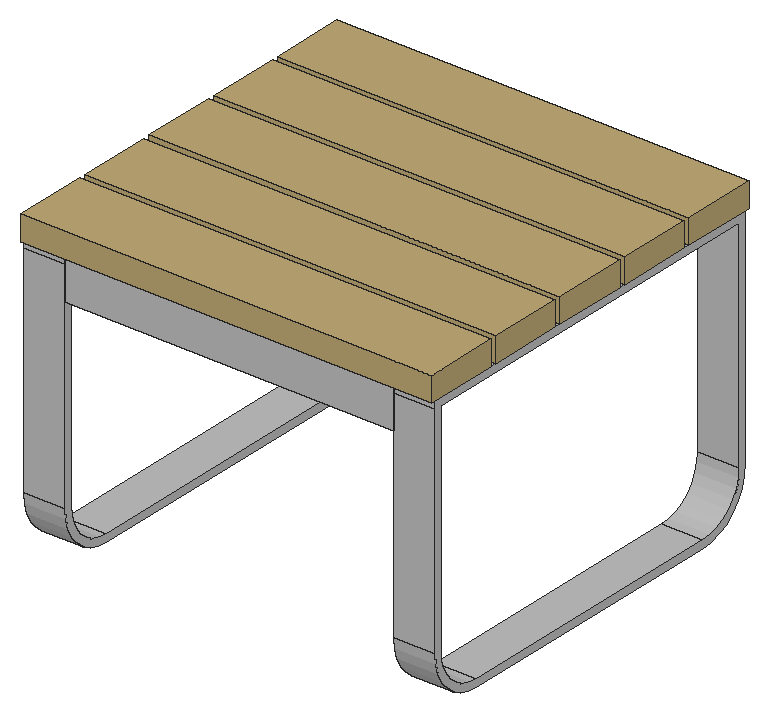
Revit family "L-FUR_벤치_YT-10_예건", category 일반 모델, Revit 2021
Family settings
  보강 철근 호스트 가능 = 아니오
  원형 커넥터 치수 = 지름 사용
  부품 유형 = 보통
  작업 기준면 기반 = 아니오
  항상 수직 = 예
  로드될 때 보이드를 사용하여 절단 = 아니오
  공유 = 아니오
  룸 계산 점 = 아니오
Parameters
  한국산업규격KS = ""
  조달청표준공사코드-세부공종 = ""
  기본 입면도 = 0 mm
  건설정보분류체계-부위분류 = "E943"
  LIM_INFO_주의사항 = "재배포, 재가공, 판매 금지"
  LIM_INFO_제품업체 = "예건"
  LIM_INFO_제품번호 = "YF-16"
  LIM_INFO_제품명 = "펜스_YF-16"
  LIM_INFO_제작일 = "20230315"
  LIM_INFO_재료 = "Hardwood, STL-pipe, STL-plate"
  LIM_INFO_업체정보 = ""
  LIM_INFO_업체URL = "https://yekun.com/"
  LIM_INFO_업체TEL = "(+82)31-943-6114"
  LIM_INFO_업체EMAIL = "yekun@yekun.com"
  LIM_INFO_버전 = "2023_V01"
  LIM_INFO_기타정보 = ""
  LIM_INFO_규격 = "W2000 x H1800"
  LIM_INFO_가격 = 0
  LIM_INFO_PV_포장재여부 = yes
  LIM_INFO_PV_면적 = 0.00 m²
  KBIMS_식별-버전 = ""
  KBIMS_식별-bSK등록번호 = ""
  KBIMS_보급정보-저작자 = "림인포테크_MMJ"
  KBIMS_보급정보-보급코드 = ""
Reference planes
  plane 1 "중심(앞/뒤)": y = 0
  plane 2: z = 0
  plane 3 "중심(왼쪽/오른쪽)": x = 0
Dimensions and locks
  aligned and locked: level to plane 2
Nested families
  nested 1: "YT-10_base" at (0, 0, 0), type "YT-10_base"
Definition of nested family "YT-10_base"
  Parameters (values of type "YT-10_base")
    Default Elevation = 0 mm
  Reference planes
    plane 1 "중심(앞/뒤)": y = 0
    plane 2: z = 0
    plane 3 "중심(왼쪽/오른쪽)": x = 0
  Forms (mm)
    Extrusion 1, solid, detail levels fine
      sketch origin (0, 1969.677, -230.683) x (0, 1, 0) y (0, 0, 1)
        loop
          line (-1577.677, 600.683) -> (-1577.677, 570.683) -> (-1487.677, 570.683) -> (-1487.677, 600.683) -> (-1577.677, 600.683)
        loop
          line (-1675.677, 600.683) -> (-1675.677, 570.683) -> (-1585.677, 570.683) -> (-1585.677, 600.683) -> (-1675.677, 600.683)
        loop
          line (-1773.677, 600.683) -> (-1773.677, 570.683) -> (-1683.677, 570.683) -> (-1683.677, 600.683) -> (-1773.677, 600.683)
        loop
          line (-1871.677, 600.683) -> (-1871.677, 570.683) -> (-1781.677, 570.683) -> (-1781.677, 600.683) -> (-1871.677, 600.683)
        loop
          line (-1969.677, 600.683) -> (-1969.677, 570.683) -> (-1879.677, 570.683) -> (-1879.677, 600.683) -> (-1969.677, 600.683)
      from 0 to 500
    Extrusion 2, solid, detail levels fine
      sketch origin (0, 1969.677, -230.683) x (0, 1, 0) y (0, 0, 1)
        loop
          arc (-1964.677, 294.683) -> (-1945.932, 249.428) -> (-1900.677, 230.683) r 64
          line (-1900.677, 230.683) -> (-1556.677, 230.683)
          arc (-1556.677, 230.683) -> (-1511.422, 249.428) -> (-1492.677, 294.683) r 64
          line (-1492.677, 294.683) -> (-1492.677, 561.683) -> (-1492.677, 570.683) -> (-1964.677, 570.683) -> (-1964.677, 561.683) -> (-1964.677, 294.683)
        loop
          line (-1955.677, 561.683) -> (-1955.677, 294.683)
          arc (-1955.677, 294.683) -> (-1939.568, 255.792) -> (-1900.677, 239.683) r 55
          line (-1900.677, 239.683) -> (-1556.677, 239.683)
          arc (-1556.677, 239.683) -> (-1517.786, 255.792) -> (-1501.677, 294.683) r 55
          line (-1501.677, 294.683) -> (-1501.677, 561.683) -> (-1955.677, 561.683)
      from 0 to 50
    Extrusion 3, solid, detail levels fine
      sketch origin (0, 1969.677, -230.683) x (0, 1, 0) y (0, 0, 1)
        loop
          line (-1964.677, 570.683) -> (-1964.677, 561.683) -> (-1964.677, 294.683)
          arc (-1964.677, 294.683) -> (-1945.932, 249.428) -> (-1900.677, 230.683) r 64
          line (-1900.677, 230.683) -> (-1556.677, 230.683)
          arc (-1556.677, 230.683) -> (-1511.422, 249.428) -> (-1492.677, 294.683) r 64
          line (-1492.677, 294.683) -> (-1492.677, 561.683) -> (-1492.677, 570.683) -> (-1964.677, 570.683)
        loop
          arc (-1955.677, 294.683) -> (-1939.568, 255.792) -> (-1900.677, 239.683) r 55
          line (-1900.677, 239.683) -> (-1556.677, 239.683)
          arc (-1556.677, 239.683) -> (-1517.786, 255.792) -> (-1501.677, 294.683) r 55
          line (-1501.677, 294.683) -> (-1501.677, 561.683) -> (-1955.677, 561.683) -> (-1955.677, 294.683)
      from 500 to 450
    Extrusion 4, solid, detail levels fine
      sketch origin (-258.248, -875.601, 290) x (1, 0, 0) y (0, 1, 0)
        loop
          line (304.248, 889.601) -> (308.248, 889.601) -> (308.248, 1343.601) -> (304.248, 1343.601) -> (304.248, 889.601)
        loop
          line (708.248, 1343.601) -> (708.248, 889.601) -> (712.248, 889.601) -> (712.248, 1343.601) -> (708.248, 1343.601)
      from 0 to 50
    Extrusion 5, solid, detail levels fine
      sketch origin (-258.248, -875.601, 290) x (1, 0, 0) y (0, 1, 0)
        loop
          line (308.248, 1352.601) -> (308.248, 1343.601) -> (708.248, 1343.601) -> (708.248, 1352.601) -> (308.248, 1352.601)
        loop
          line (308.248, 889.601) -> (308.248, 880.601) -> (708.248, 880.601) -> (708.248, 889.601) -> (308.248, 889.601)
      from 0 to 50
    Extrusion 6, solid, detail levels coarse+medium
      sketch origin (0, 1969.677, -230.683) x (0, 1, 0) y (0, 0, 1)
        loop
          line (-1727.574, 600.683) -> (-1969.677, 600.683) -> (-1969.677, 570.683) -> (-1714.327, 570.683) -> (-1487.677, 570.683) -> (-1487.677, 600.683) -> (-1727.574, 600.683)
      from 0 to 500
    Extrusion 7, solid, detail levels coarse+medium
      sketch origin (0, 1969.677, -230.683) x (0, 1, 0) y (0, 0, 1)
        loop
          line (-1964.677, 230.683) -> (-1492.677, 230.683) -> (-1492.677, 561.683) -> (-1492.677, 570.683) -> (-1964.677, 570.683) -> (-1964.677, 561.683) -> (-1964.677, 230.683)
        loop
          line (-1955.677, 561.683) -> (-1955.677, 239.683) -> (-1501.677, 239.683) -> (-1501.677, 561.683) -> (-1955.677, 561.683)
      from 0 to 50
    Extrusion 8, solid, detail levels coarse+medium
      sketch origin (0, 1969.677, -230.683) x (0, 1, 0) y (0, 0, 1)
        loop
          line (-1964.677, 570.683) -> (-1964.677, 561.683) -> (-1964.677, 230.683) -> (-1492.677, 230.683) -> (-1492.677, 561.683) -> (-1492.677, 570.683) -> (-1964.677, 570.683)
        loop
          line (-1955.677, 239.683) -> (-1501.677, 239.683) -> (-1501.677, 561.683) -> (-1955.677, 561.683) -> (-1955.677, 239.683)
      from 500 to 450
    Extrusion 9, solid, detail levels coarse+medium
      sketch origin (-258.248, -875.601, 290) x (1, 0, 0) y (0, 1, 0)
        loop
          line (304.248, 889.601) -> (308.248, 889.601) -> (308.248, 1343.601) -> (304.248, 1343.601) -> (304.248, 889.601)
        loop
          line (708.248, 1343.601) -> (708.248, 889.601) -> (712.248, 889.601) -> (712.248, 1343.601) -> (708.248, 1343.601)
      from 0 to 50
    Extrusion 10, solid, detail levels coarse+medium
      sketch origin (-258.248, -875.601, 290) x (1, 0, 0) y (0, 1, 0)
        loop
          line (308.248, 1352.601) -> (308.248, 1343.601) -> (708.248, 1343.601) -> (708.248, 1352.601) -> (308.248, 1352.601)
        loop
          line (308.248, 889.601) -> (308.248, 880.601) -> (708.248, 880.601) -> (708.248, 889.601) -> (308.248, 889.601)
      from 0 to 50
  Dimensions and locks
    aligned and locked: level to plane 2
